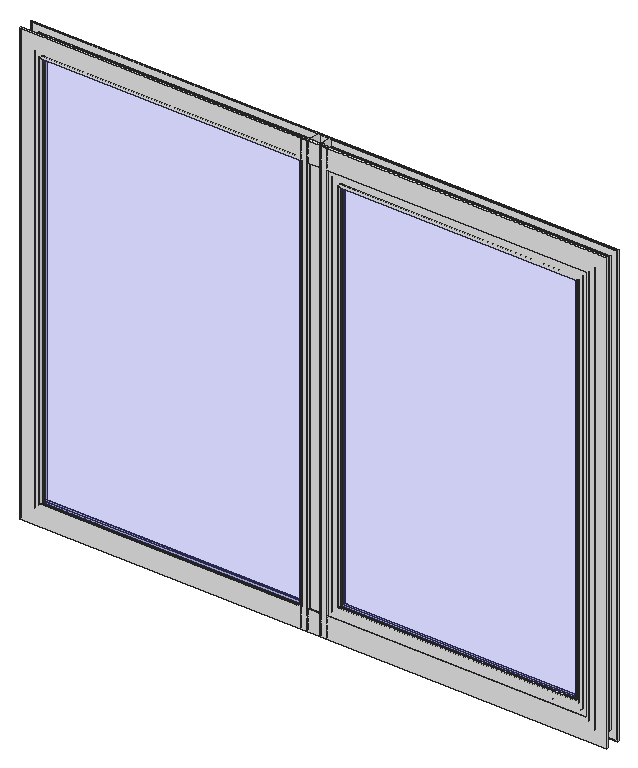
Revit family "WAL_A3-Thermosash-Window-1200X900-PS129L", category Windows, host Wall, Revit 2016
Family settings
  Host = Wall
  Always vertical = Yes
  Cut with Voids When Loaded = No
  Shared = No
  Room Calculation Point = No
Parameters (values of type "600 x 1200 PS6L Thermosas")
  URL = "www.agi.co.za"
  Trim Material = Metal - Aluminium
  Model = "Top Hung"
  Manufacturer Code = "PS6L"
  Manufacturer = "AGI Aluminium"
  Height = 900 mm
  Glass Material = Glass
  Frame Material = Metal - Aluminium
  Description = "Thermosash Window"
  Default Sill Height = 800 mm
  Wall Closure = By host
  Width = 1200 mm
  Assembly Code = "B2020110"
Reference planes
  plane 1 "Center": y = 0
  plane 2 "Center (Left/Right)": x = 0
  plane 3 "Left": x = -600
  plane 4 "Right": x = 600
  plane 5 "Sill": z = 800
  plane 6 "Head": z = 1700
  plane 7 "Exterior": y = 75
  plane 8 "Interior": y = -75
  plane 9: z = 1702
  plane 10: x = 602
  plane 11: x = -602
  plane 12: z = 798
  plane 13: z = 1664
  plane 14: z = 836
  plane 15: x = 564
  plane 16: x = -586.1
  plane 17: x = 22
  plane 18: x = -16
  plane 19: z = 1686.1
  plane 20: z = 813.9
Forms (mm)
  Sweep 1, solid, material "Metal - Aluminium" <- "Frame Material", detail levels medium+fine
    path origin (0, 0, 0) x (1, 0, 0) y (0, 0, 1)
      loop
        line (600, 1700) -> (-600, 1700) -> (-600, 800) -> (600, 800) -> (600, 1700)
    profile "Frame : Frame" origin (0, 0, 1700) x (0, 0, -1) y (0, -1, 0)
      loop
        line (0, -30) -> (28, -30) -> (28, -29) -> (26, -29) -> (26, -1) -> (28, -1) -> (28, -7) -> (29, -7) -> (29, -1) -> (37, -1) -> (37, -3.645) -> (38, -3.645) -> (38, -1) -> (40, -1) -> (40, -3.645) -> (41, -3.645) -> (41, 0) -> (0, 0) -> (0, -2) -> (1, -2) -> (1, -1) -> (15.005, -1) -> (15.005, -4) -> (16.005, -4) -> (16.005, -1) -> (25, -1) -> (25, -29) -> (16.005, -29) -> (16.005, -26) -> (15.005, -26) -> (15.005, -29) -> (1, -29) -> (1, -28) -> (0, -28) -> (0, -30)
  Sweep 2, solid, material "Metal - Aluminium" <- "Frame Material", detail levels medium+fine
    path origin (0, 0, 0) x (1, 0, 0) y (0, 0, 1)
      loop
        line (0, 1700) -> (0, 800)
    profile "30 x 50 Center Divide : 30 x 50 Center Divide" origin (0, 0, 1250) x (1, 0, 0) y (0, -1, 0)
      loop
        line (-11, -5) -> (-11, -29) -> (11, -29) -> (11, -5) -> (-11, -5)
      loop
        line (-27.011, 0) -> (-27.011, -3.245) -> (-26.011, -3.245) -> (-26.011, -1) -> (-24.011, -1) -> (-24.011, -3.245) -> (-23.011, -3.245) -> (-23.011, -1) -> (-15.011, -1) -> (-15.011, -6.6) -> (-14.011, -6.6) -> (-14.011, -1) -> (-13.142, -1) -> (-12, -5.263) -> (-12, -29) -> (-14, -29) -> (-14, -30) -> (14, -30) -> (14, -29) -> (12, -29) -> (12, -5.263) -> (13.142, -1) -> (14, -1) -> (14, -7) -> (15, -7) -> (15, -1) -> (23, -1) -> (23, -3.645) -> (24, -3.645) -> (24, -1) -> (26, -1) -> (26, -3.645) -> (27, -3.645) -> (27, 0) -> (12.375, 0) -> (11.303, -4) -> (-11.303, -4) -> (-12.375, 0) -> (-27.011, 0)
  Sweep 3, solid, material "Metal - Aluminium", detail levels medium+fine
    path origin (0, 0, 0) x (1, 0, 0) y (0, 0, 1)
      loop
        line (600, 1700) -> (-16, 1700) -> (-16, 800) -> (600, 800) -> (600, 1700)
    profile "Casement : Casement" origin (292, 0, 1700) x (0, 0, -1) y (0, -1, 0)
      loop
        line (40, -4.645) -> (40, -32.645) -> (49, -32.645) -> (49, -4.645) -> (40, -4.645)
      loop
        line (65, -3.645) -> (37, -3.645) -> (37, -4.645) -> (39, -4.645) -> (39, -32.645) -> (37, -32.645) -> (37, -26.645) -> (36, -26.645) -> (36, -32.645) -> (28, -32.645) -> (28, -30) -> (27, -30) -> (27, -32.645) -> (25, -32.645) -> (25, -30) -> (24, -30) -> (24, -33.645) -> (50, -33.645) -> (50, -4.645) -> (52, -4.645) -> (52, -10.645) -> (53, -10.645) -> (53, -4.645) -> (61, -4.645) -> (61, -7.289) -> (62, -7.289) -> (62, -4.645) -> (64, -4.645) -> (64, -7.289) -> (65, -7.289) -> (65, -3.645)
  Sweep 4, solid, material "Metal - Aluminium" <- "Trim Material", detail levels medium+fine
    path origin (0, 0, 0) x (1, 0, 0) y (0, 0, 1)
      loop
        line (0, 1686.1) -> (-586.1, 1686.1) -> (-586.1, 813.9) -> (0, 813.9) -> (0, 1686.1)
    profile "Trim : Trim" origin (-293.05, 0, 1686.1) x (0, 0, -1) y (0, -1, 0)
      loop
        line (24.555, -1.643) -> (24.555, -4.05)
        arc (24.555, -4.05) -> (23.436, -4.753) -> (23, -6) r 2
        line (23, -6) -> (27, -6)
        arc (27, -6) -> (26.552, -4.739) -> (25.41, -4.042) r 2
        line (25.41, -4.042) -> (25.41, -1.643) -> (24.555, -1.643)
      loop
        line (14, -29) -> (29, -14) -> (29, -12.474) -> (26.323, -12.474)
        arc (26.323, -12.474) -> (26.823, -11.797) -> (27, -10.974) r 2
        line (27, -10.974) -> (23, -10.974)
        arc (23, -10.974) -> (23.177, -11.797) -> (23.677, -12.474) r 2
        line (23.677, -12.474) -> (13.467, -12.474) -> (13.467, -4) -> (12.5, -4) -> (12.5, -13.474) -> (20.535, -13.474) -> (24.323, -17.263) -> (12.586, -29) -> (14, -29)
  Sweep 5, solid, material "Metal - Aluminium", detail levels medium+fine
    path origin (0, 0, 0) x (1, 0, 0) y (0, 0, 1)
      loop
        line (564, 1664) -> (22, 1664) -> (22, 836) -> (564, 836) -> (564, 1664)
    profile "Trim : Trim" origin (293, 0, 1664) x (0, 0, -1) y (0, -1, 0)
      loop
        line (24.555, -4.643) -> (24.555, -7.05)
        arc (24.555, -7.05) -> (23.436, -7.753) -> (23, -9) r 2
        line (23, -9) -> (27, -9)
        arc (27, -9) -> (26.552, -7.739) -> (25.41, -7.042) r 2
        line (25.41, -7.042) -> (25.41, -4.643) -> (24.555, -4.643)
      loop
        line (14, -32) -> (29, -17) -> (29, -15.474) -> (26.323, -15.474)
        arc (26.323, -15.474) -> (26.823, -14.797) -> (27, -13.974) r 2
        line (27, -13.974) -> (23, -13.974)
        arc (23, -13.974) -> (23.177, -14.797) -> (23.677, -15.474) r 2
        line (23.677, -15.474) -> (13.467, -15.474) -> (13.467, -7) -> (12.5, -7) -> (12.5, -16.474) -> (20.535, -16.474) -> (24.323, -20.263) -> (12.586, -32) -> (14, -32)
  Extrusion 6, solid, material "Glass", detail levels medium+fine
    sketch origin (0, 0, 0) x (1, 0, 0) y (0, 1, 0)
      loop
        line (44.982, 13.974) -> (44.982, 9) -> (541, 9) -> (541, 13.974) -> (44.982, 13.974)
    from 859 to 1641
  Extrusion 7, solid, material "Glass", detail levels medium+fine
    sketch origin (0, 0, 0) x (1, 0, 0) y (0, 1, 0)
      loop
        line (-563.118, 10.974) -> (-563.118, 6) -> (-23, 6) -> (-23, 10.974) -> (-563.118, 10.974)
    from 836.897 to 1663.1
Cuts and joins
  joined: Sweep 1, Sweep 2
Lines and regions (mm)
  Opening 1
    outline origin (3500, -75, 0) x (1, 0, 0) y (0, 0, 1)
      loop
        line (-2900, 800) -> (-2900, 1700) -> (-4100, 1700) -> (-4100, 800) -> (-2900, 800)
  symbolic lines, style "Elevation Swing"
    curve 1: line (578, 0, 1678) -> (8, 0, 1250)
    curve 2: line (8, 0, 1250) -> (577, 0, 823)
Text (mm)
  text "EXTERIOR" at (-1963.203, 1332.353, 0), in view "Ref. Level"
  text "INTERIOR" at (-1981.466, -818.386, 0), in view "Ref. Level"
  text "Exterior" at (0, 923.751, 2943.296), in view "Right"
  text "Exterior" at (0, 1040.484, 2685.409), in view "Left"
Dimensions and locks
  equal spacing: plane 3 "Left", plane 2 "Center (Left/Right)", plane 4 "Right"
  "Width": plane 3 "Left" to plane 4 "Right"
  "Height": plane 5 "Sill" to plane 6 "Head"
  "Default Sill Height": plane 5 "Sill" to level
  locked: plane 7 "Exterior" to host wall at 0
  locked: plane 8 "Interior" to host wall
  locked: plane 12 to plane 5 "Sill" at 2
  locked: plane 6 "Head" to plane 9 at 2
  locked: plane 4 "Right" to plane 10 at 2
  locked: plane 11 to plane 3 "Left" at 2
  locked: plane 15 to plane 4 "Right" at 36
  locked: plane 3 "Left" to plane 16 at 13.9
  locked: plane 5 "Sill" to plane 14 at 36
  locked: plane 13 to plane 6 "Head" at 36
  locked: plane 2 "Center (Left/Right)" to plane 18 at 16
  locked: plane 17 to plane 2 "Center (Left/Right)" at 22
  locked: plane 19 to plane 6 "Head" at 13.9
  locked: plane 5 "Sill" to plane 20 at 13.9
  aligned and locked: host wall to Sweep 1 sketch curve
  aligned and locked: Sweep 1 sketch curve to host wall  (x3)
  aligned and locked: plane 6 "Head" to Sweep 2 sketch curve
  aligned and locked: plane 5 "Sill" to Sweep 2 sketch curve
  aligned and locked: plane 2 "Center (Left/Right)" to Sweep 2 sketch curve
  aligned and locked: plane 18 to Sweep 3 sketch curve
  aligned and locked: Sweep 3 sketch curve to plane 5 "Sill"
  aligned and locked: plane 6 "Head" to Sweep 3 sketch curve
  aligned and locked: plane 4 "Right" to Sweep 3 sketch curve
  aligned and locked: Sweep 4 sketch curve to plane 2 "Center (Left/Right)"
  aligned and locked: Sweep 4 sketch curve to plane 19
  aligned and locked: plane 20 to Sweep 4 sketch curve
  aligned and locked: Sweep 4 sketch curve to plane 16
  aligned and locked: plane 14 to Sweep 5 sketch curve
  aligned and locked: Sweep 5 sketch curve to plane 17
  aligned and locked: Sweep 5 sketch curve to plane 13
  aligned and locked: plane 15 to Sweep 5 sketch curve
  aligned and locked: Sweep 5 to Extrusion 6 sketch curve  (x2)
  aligned and locked: Extrusion 6 sketch curve to Sweep 5  (x2)
  aligned and locked: Extrusion 6 to Sweep 5  (x2)
  aligned and locked: Sweep 4 to Extrusion 7 sketch curve  (x2)
  aligned and locked: Extrusion 7 sketch curve to Sweep 4  (x2)
  aligned and locked: Extrusion 7 to Sweep 4  (x2)
Automatic sketch dimensions
  Opening 1 sketch curve to plane 3 "Left" = 0 mm
  Opening 1 sketch curve to plane 4 "Right" = 0 mm
  Opening 1 sketch curve to plane 5 "Sill" = 0 mm
  Opening 1 sketch curve to plane 6 "Head" = 0 mm
  plane 2 "Center (Left/Right)" to curve 1 = 8 mm
  curve 2 to plane 15 = 13 mm
  curve 1 to plane 15 = 14 mm
  plane 20 to curve 2 = 9.1 mm
  curve 2 to plane 13 = 414 mm
  curve 1 to plane 19 = 8.1 mm
